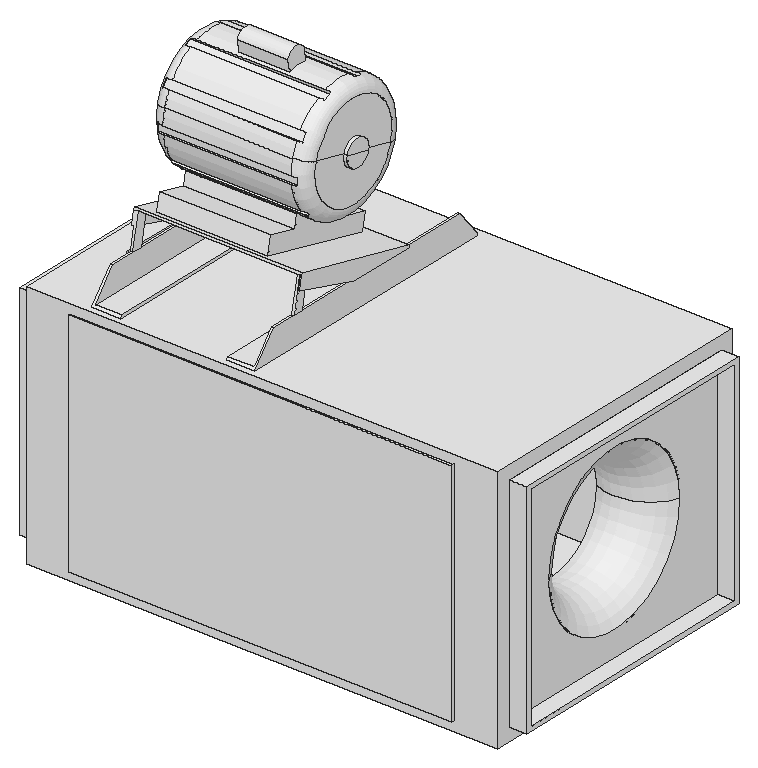
Revit family "In-Line-Centrifugal-Duct-Fan_VIBK_Carnes", category Mechanical Equipment, host Face, Revit 2012
Parameters (values of type "See Type Catalog")
  ecoScorecard_data = ""
  ecoScorecard Product Page = "http://ecoscorecard.com/"
  Warranty URL = "http://www.carnes.com/GeneralCatalogs/termcond.pdf"
  Warranty = ""
  Housing = Aluminum-Carnes-Spun-Brushed
  URL = "http://www.carnes.com/index.html"
  Subcategory = ""
  Specifications URL = ""
  Radius = Damper Size / 2  # 6"
  Product Page URL = "http://www.carnes.com/ventilation/vibk-vidk.htm"
  Parts List URL = ""
  Model = "VIBK"
  Material = ""
  Manufacturer Phone = "608-845-6411"  # constant formula
  Manufacturer Fax = "608-845-6470"  # constant formula
  Manufacturer Email = "mailto:carnes@carnes.com"
  Manufacturer Address = "448 S. Main St., P. O. Box 930040, Verona, WI 53593-0040"  # constant formula
  Manufacturer = "Carnes Company"  # constant formula
  IOM Instructions URL = "http://www.carnes.com/ventilation/pdf/1403.pdf"
  G = 12"
  F = 12 1/2"
  E = 25 1/8"
  Description = "Centrifugal Duct Fan"  # constant formula
  Default Elevation = 0"
  Damper Size = 12"
  D = 16 1/2"
  Cost Info = "mailto:carnes@carnes.com"
  Catalog URL = "http://www.carnes.com/ventilation/pdf/C179-C213.pdf"
  C = 12"
  B = 28 5/8"
  Assembly Code = "D3040200"
  A = 14"
  95 CSI = "15830"  # constant formula
  04 CSI = "23 34 23"  # constant formula
Reference planes (in)
  plane 1 "Center (Front/Back)": y = 0
  plane 2: z = 0
  plane 3 "Center (Left/Right)": x = 0
  plane 4: y = 8.25
  plane 5: x = -12.5625
  plane 6: y = -8.25
  plane 7: x = 12.5625
  plane 8: x = -14.3125
  plane 9: x = 14.3125
  plane 10: x = 13.3125
  plane 11: x = -13.3125
  plane 12: z = 14
  plane 13: z = 13.25
  plane 14: z = 0.75
  plane 15: z = 7
  plane 16: z = 13
  plane 17: z = 1
  plane 18: z = 10
  plane 19: z = 4
  plane 20: y = -8.375
  plane 21: z = 26
  plane 22: y = 7.75
  plane 23: y = -7.875
  plane 24: x = -0.8125
  plane 25: x = -9.79137
  plane 26: x = -0.6875
  plane 27: x = -9.91637
  plane 28: z = 14.125
  plane 29: x = -2.3125
  plane 30: x = -8.29137
  plane 31: z = 15.625
  plane 32: x = -0.5625
  plane 33: x = -10.04137
  plane 34: x = 9.71153
  plane 35: z = 14.25
  plane 36: z = 10.25
Forms (in)
  Sweep 1, solid, material "Aluminum-Carnes-Spun-Brushed" <- "Housing", detail levels fine
    path origin (0, 0, 0) x (1, 0, 0) y (0, 1, 0)
      loop
        line (13.3125, 0) -> (-13.3125, 0)
    profile origin (0, 0, 0) x (0, -1, 0) y (0, 0, 1)
      loop
        line (-8.25, 0) -> (8.25, 0) -> (8.25, 14) -> (-8.25, 14) -> (-8.25, 0)
      loop
        line (7.45, 13.25) -> (-7.5, 13.25) -> (-7.5, 0.75) -> (7.45, 0.75) -> (7.45, 13.25)
  Sweep 2, solid, material "Aluminum-Carnes-Spun-Brushed" <- "Housing", detail levels fine
    path in 3D
      loop
        line (13.3125, 7.5, 13.25) -> (13.3125, 7.5, 0.75) -> (13.3125, -7.45, 0.75) -> (13.3125, -7.45, 13.25) -> (13.3125, 7.5, 13.25)
    profile origin (13.3125, 0.025, 13.25) x (1, 0, 0) y (0, 0, -1)
      loop
        line (0, 0.25) -> (0, 0) -> (1, 0) -> (1, 0.25) -> (0, 0.25)
  Extrusion 3, solid, material "Aluminum-Carnes-Spun-Brushed" <- "Housing", detail levels fine
    sketch origin (13.3125, 0, 0) x (0, 1, 0) y (0, 0, 1)
      loop
        line (-7.45, 0.75) -> (7.5, 0.75) -> (7.5, 13.25) -> (-7.45, 13.25) -> (-7.45, 0.75)
    from -3.60097 to 0
  Sweep 4, void
    path origin (13.3125, 17.35966, 48) x (0, 1, 0) y (0, 0, 1)
      loop
        circle (-17.35966, -41) r 6
    profile origin (13.3125, 0, 13) x (0, 0, -1) y (1, 0, 0)
      loop
        line (2.75072, -3.60097) -> (5.75, -3.60097) -> (5.75, 0) -> (1.36843, 0)
        arc (1.36843, 0) -> (2.82175, -1.50791) -> (2.75072, -3.60097) r 2.68615
  Extrusion 5, void
    sketch origin (13.3125, 17.35966, 48) x (0, -1, 0) y (0, 0, 1)
      loop
        circle (17.35966, -41) r 0.25
    from 0 to 3.60097
  Sweep 6, solid, material "Aluminum-Carnes-Spun-Brushed" <- "Housing", detail levels fine
    path in 3D
      loop
        line (-13.3125, -7.45, 13.25) -> (-13.3125, -7.45, 0.75) -> (-13.3125, 7.5, 0.75) -> (-13.3125, 7.5, 13.25) -> (-13.3125, -7.45, 13.25)
    profile origin (-13.3125, 0.025, 13.25) x (-1, 0, 0) y (0, 0, -1)
      loop
        line (0, 0) -> (1, 0) -> (1, 0.25) -> (0, 0.25) -> (0, 0)
  Extrusion 7, void
    sketch origin (0, 0, 0) x (1, 0, 0) y (0, 0, 1)
      loop
        line (-10.3125, 13) -> (-10.3125, 1) -> (10.3125, 1) -> (10.3125, 13) -> (-10.3125, 13)
    from 7.45 to 8.25
  Extrusion 8, solid, material "Aluminum-Carnes-Spun-Brushed" <- "Housing", detail levels fine
    sketch origin (13.3125, -8.25, 14) x (-1, 0, 0) y (0, 0, -1)
      loop
        line (24.125, 0.5) -> (24.125, 13.5) -> (2.5, 13.5) -> (2.5, 0.5) -> (24.125, 0.5)
    from 0 to 0.125
  Extrusion 9, solid, material "Aluminum-Carnes-Spun-Brushed" <- "Housing", detail levels fine
    sketch origin (13.3125, 17.35966, 48) x (0, 1, 0) y (0, 0, 1)
      loop
        line (-22.23134, -31.20756) -> (-18.42386, -32.37566) -> (-14.58157, -32.38346) -> (-22.09633, -30.4697) -> (-22.23134, -31.20756)
    from -14 to -13.875
  Extrusion 10, solid, material "Aluminum-Carnes-Spun-Brushed" <- "Housing", detail levels fine
    sketch origin (0, 0, 0) x (1, 0, 0) y (0, 0, 1)
      loop
        line (-9.91637, 15.625) -> (-9.91637, 14) -> (-8.29137, 14) -> (-8.29137, 14.125) -> (-9.79137, 14.125) -> (-9.79137, 15.625) -> (-9.91637, 15.625)
      loop
        line (-2.3125, 14.125) -> (-2.3125, 14) -> (-0.6875, 14) -> (-0.6875, 15.625) -> (-0.8125, 15.625) -> (-0.8125, 14.125) -> (-2.3125, 14.125)
    from -7.75 to 7.875
  Extrusion 11, solid, material "Aluminum-Carnes-Spun-Brushed" <- "Housing", detail levels fine
    sketch origin (0, 0, 0) x (0, 1, 0) y (0, 0, 1)
      loop
        line (-4.88368, 16.79485) -> (-1.06633, 15.625) -> (2.74487, 15.625) -> (-4.73594, 17.53012) -> (-4.88368, 16.79485)
    from -10.04137 to -9.91637
  Extrusion 12, solid, material "Aluminum-Carnes-Spun-Brushed" <- "Housing", detail levels fine
    sketch origin (13.3125, -4.73667, 17.5303) x (0, 0.969069, -0.24679) y (-1, 0, 0)
      loop
        line (0.00065, 13.875) -> (7.75462, 13.875) -> (7.75462, 23.35387) -> (0.00065, 23.35387) -> (0.00065, 13.875)
    from 0 to 0.125
  Extrusion 13, void
    sketch origin (0, 0, 0) x (1, 0, 0) y (0, 1, 0)
      loop
        arc (-11.5625, 3.18713) -> (-11.73928, 3.11391) -> (-11.8125, 2.93713) r 0.25
        line (-11.8125, 2.93713) -> (-11.8125, -2.93713)
        arc (-11.8125, -2.93713) -> (-11.73928, -3.11391) -> (-11.5625, -3.18713) r 0.25
        line (-11.5625, -3.18713) -> (-10.16637, -3.18713)
        arc (-10.16637, -3.18713) -> (-9.9896, -3.11391) -> (-9.91637, -2.93713) r 0.25
        line (-9.91637, -2.93713) -> (-9.91637, 2.93713)
        arc (-9.91637, 2.93713) -> (-9.9896, 3.11391) -> (-10.16637, 3.18713) r 0.25
        line (-10.16637, 3.18713) -> (-11.5625, 3.18713)
    from 13.25 to 14
  Extrusion 14, solid, material "Aluminum-Carnes-Spun-Brushed" <- "Housing", detail levels fine
    sketch origin (0, 0, 0) x (0, 1, 0) y (0, 0, 1)
      loop
        line (-4.73527, 17.53012) -> (-5.11805, 15.625) -> (-4.60806, 15.625) -> (-4.23844, 17.46461) -> (-4.73527, 17.53012)
    from -0.6875 to -0.8125
  Extrusion 15, solid, material "Aluminum-Carnes-Spun-Brushed" <- "Housing", detail levels fine
    sketch origin (0, 0, 0) x (0, 1, 0) y (0, 0, 1)
      loop
        line (-4.7353, 17.52996) -> (-5.11805, 15.625) -> (-4.60806, 15.625) -> (-4.25013, 17.4064) -> (-4.7353, 17.52996)
    from -9.91637 to -9.79137
  Extrusion 16, void
    sketch origin (0, 0, 0) x (0, 1, 0) y (0, 0, 1)
      loop
        line (-7.875, 14) -> (-6.24778, 16.00945) -> (-8.25, 16.00945) -> (-8.25, 14) -> (-7.875, 14)
      loop
        line (7.875, 14) -> (8.25, 14) -> (8.25, 16.00945) -> (6.24778, 16.00945) -> (7.875, 14)
    from -9.91637 to -0.5625
  Revolve 17, solid, material "Aluminum-Carnes-Spun-Brushed" <- "Housing", detail levels fine
    sketch origin (0, 0, 0) x (1, 0, 0) y (0, 0, 1)
      loop
        line (7.21153, 10.25) -> (6.96153, 10.25) -> (6.96153, 7.24928) -> (6.21153, 7.24928) -> (6.21153, 7.74928) -> (5.71153, 7.74928) -> (5.71153, 7.24928) -> (-0.28847, 7.24928) -> (-0.28847, 7.74928) -> (-0.78847, 7.74928) -> (-0.78847, 7.24928) -> (-10.557, 7.24928) -> (-10.557, 8.61528) -> (-10.807, 8.61528) -> (-10.807, 7.74928) -> (-11.057, 7.74928) -> (-11.057, 8.61528) -> (-11.307, 8.61528) -> (-11.307, 7) -> (7.21153, 7) -> (7.21153, 10.25)
      axis (-11.307, 7) -> (7.21153, 7)
    angle from 0 to 360
Cuts and joins
  Sweep 4, Extrusion 5, Extrusion 7 cuts Extrusion 3
  Extrusion 7, Extrusion 13, Extrusion 16 cuts Sweep 1
  Sweep 4, Extrusion 13, Extrusion 16 cuts Sweep 2
  Extrusion 13, Extrusion 16 cuts Sweep 6
  joined: Sweep 1, Sweep 2, Sweep 6
  joined: Extrusion 9, Extrusion 11, Extrusion 12, Extrusion 15
  Extrusion 16 cuts Extrusion 10
Lines and regions (in)
  sketch lines
    curve 1: line (13.3125, -7.45, 13.25) -> (13.3125, 7.5, 13.25)
    curve 2: line (13.3125, 7.5, 13.25) -> (13.3125, 7.5, 0.75)
    curve 3: line (13.3125, 7.5, 0.75) -> (13.3125, -7.45, 0.75)
    curve 4: line (13.3125, -7.45, 0.75) -> (13.3125, -7.45, 13.25)
    curve 5: line (-13.3125, 7.5, 13.25) -> (-13.3125, -7.45, 13.25)
    curve 6: line (-13.3125, -7.45, 13.25) -> (-13.3125, -7.45, 0.75)
    curve 7: line (-13.3125, -7.45, 0.75) -> (-13.3125, 7.5, 0.75)
    curve 8: line (-13.3125, 7.5, 0.75) -> (-13.3125, 7.5, 13.25)
  model lines, detail levels coarse+medium
    curve 9: line (13.3125, 8.25, 0) -> (-13.3125, 8.25, 0)
    curve 10: line (-13.3125, 8.25, 0) -> (-13.3125, 7.5, 0)
    curve 11: line (-13.3125, 7.5, 0) -> (-14.3125, 7.5, 0)
    curve 12: line (-14.3125, 7.5, 0) -> (-14.3125, -7.45, 0)
    curve 13: line (-14.3125, -7.45, 0) -> (-13.3125, -7.45, 0)
    curve 14: line (-13.3125, -8.25, 0) -> (-10.8125, -8.25, 0)
    curve 15: line (-10.8125, -8.25, 0) -> (-10.8125, -8.375, 0)
    curve 16: line (-10.8125, -8.375, 0) -> (10.8125, -8.375, 0)
    curve 17: line (10.8125, -8.375, 0) -> (10.8125, -8.25, 0)
    curve 18: line (13.3125, 8.25, 0) -> (13.3125, 7.5, 0)
    curve 19: line (13.3125, -7.45, 0) -> (14.3125, -7.45, 0)
    curve 20: line (14.3125, -7.45, 0) -> (14.3125, 7.5, 0)
    curve 21: line (10.8125, -8.25, 0) -> (13.3125, -8.25, 0)
    curve 22: line (-13.3125, -7.45, 0) -> (-13.3125, -8.25, 0)
    curve 23: line (13.3125, -7.45, 0) -> (13.3125, -8.25, 0)
    curve 24: line (13.3125, 7.5, 0) -> (14.3125, 7.5, 0)
Dimensions and locks (in)
  equal spacing: plane 5, plane 3 "Center (Left/Right)", plane 7
  "E": plane 5 to plane 7
  equal spacing: plane 4, plane 1 "Center (Front/Back)", plane 6
  "D": plane 4 to plane 6
  equal spacing: plane 8, plane 3 "Center (Left/Right)", plane 9
  "B": plane 8 to plane 9
  locked: plane 10 to plane 9 at 1
  locked: plane 8 to plane 11 at 1
  "A": plane 12 to plane 2
  equal spacing: plane 12, plane 15, plane 2
  equal spacing: plane 13, plane 15, plane 14
  "F": plane 13 to plane 14
  equal spacing: plane 16, plane 15, plane 17
  "C": plane 16 to plane 17
  equal spacing: plane 18, plane 15, plane 19
  locked: Sweep 4 sketch curve to plane 15 at 0.25
  locked: plane 20 to plane 6 at 0.125
  locked: Extrusion 8 sketch curve to cut or joined group of Sweep 1, Sweep 2, Sweep 4, Sweep 6, Extrusion 7, Extrusion 13, Extrusion 16 at 0.5  (x2)
  locked: Extrusion 8 sketch curve to plane 16 at 0.5
  locked: plane 17 to Extrusion 8 sketch curve at 0.5
  locked: Sweep 1 sketch curve to Sweep 1 sketch curve at 0.8
  equal spacing: host sketch curve, plane 1 "Center (Front/Back)", host sketch curve
  equal spacing: host sketch curve, plane 3 "Center (Left/Right)", host sketch curve
  "G": plane 21 to plane 12
  locked: nested 1 to plane 8 at 11.5
  locked: plane 4 to plane 22 at 0.5
  locked: plane 23 to plane 20 at 0.5
  locked: plane 25 to plane 8 at 4.52113
  locked: plane 26 to plane 24 at 0.125
  locked: plane 25 to plane 27 at 0.125
  locked: plane 28 to plane 12 at 0.125
  locked: plane 24 to plane 29 at 1.5
  locked: plane 25 to plane 30 at 1.5
  locked: plane 31 to plane 28 at 1.5
  locked: plane 26 to plane 32 at 0.125
  locked: plane 27 to plane 33 at 0.125
  Extrusion 9 sketch curve to Extrusion 9 sketch curve to plane 31 = 0.73787" locked, 1.16744" locked
  locked: plane 8 to plane 32 at 13.75
  locked: Extrusion 12 to Extrusion 12 at 0.125
  locked: Extrusion 11 sketch curve to Extrusion 11 sketch curve at 0.73527
  plane 4 to Extrusion 9 sketch curve to Extrusion 9 sketch curve = 5.47191", 3.84229"
  equal spacing: Extrusion 13 sketch curve, plane 1 "Center (Front/Back)", Extrusion 13 sketch curve
  locked: Extrusion 13 sketch curve to plane 27 at 1.89613
  Extrusion 11 sketch curve to Extrusion 11 sketch curve to plane 4 = 3.81121" locked, 5.50513" locked
  Extrusion 14 sketch curve to Extrusion 14 sketch curve to plane 31 = 0.06551" locked, 1.83961" locked
  plane 1 "Center (Front/Back)" to Extrusion 14 sketch curve to Extrusion 14 sketch curve to Extrusion 14 sketch curve = 4.23844" locked, 0.49683" locked, 0.38278" locked
  plane 13 to Sweep 4 sketch curve to Sweep 4 sketch curve = 1.61843" locked, 1.38228" locked
  locked: plane 10 to plane 34 at 3.60097
  locked: Extrusion 16 sketch curve to plane 31 at 0.38445  (x2)
  locked: plane 23 to Extrusion 16 sketch curve at 0.375
  locked: Extrusion 16 sketch curve to plane 23 at 1.62722
  locked: plane 22 to Extrusion 16 sketch curve at 1.50222
  Revolve 17 sketch curve to Revolve 17 sketch curve to Revolve 17 sketch curve to Revolve 17 sketch curve to Revolve 17 sketch curve to plane 34 = 1/2" locked, 6" locked, 1/2" locked, 3/4" locked, 2 3/4" locked
  Revolve 17 sketch curve to Revolve 17 sketch curve to plane 15 = 0.866" locked, 0.74928" locked
  locked: plane 16 to Revolve 17 sketch curve at 2.75
  Revolve 17 sketch curve to Revolve 17 sketch curve to Revolve 17 sketch curve to Revolve 17 sketch curve to plane 8 = 1/4" locked, 1/4" locked, 1/4" locked, 3.0055" locked
  locked: Revolve 17 sketch curve to Revolve 17 sketch curve at 0.25
  "Radius": radius of Sweep 4 sketch curve
  aligned and locked: plane 2 to host face
  aligned and locked: level to host face
  aligned and locked: Sweep 1 sketch curve to plane 1 "Center (Front/Back)"
  aligned and locked: Sweep 1 sketch curve to plane 2
  aligned and locked: Sweep 1 sketch curve to plane 4
  aligned and locked: Sweep 1 sketch curve to plane 12
  aligned and locked: plane 6 to Sweep 1 sketch curve
  aligned and locked: plane 11 to Sweep 1 sketch curve
  aligned and locked: plane 10 to Sweep 1 sketch curve
  aligned and locked: plane 16 to Sweep 2 sketch curve
  aligned and locked: Sweep 2 sketch curve to plane 9
  aligned and locked: plane 13 to Sweep 2 sketch curve
  aligned and locked: plane 10 to Sweep 2 sketch curve
  aligned and locked: plane 13 to Sweep 1 sketch curve
  aligned and locked: Sweep 1 sketch curve to plane 14
  aligned and locked: profile plane to plane 13
  aligned and locked: Extrusion 3 sketch curve to Sweep 1  (x4)
  aligned and locked: plane 1 "Center (Front/Back)" to Sweep 4 sketch curve
  aligned and locked: plane 15 to Sweep 4 sketch curve
  aligned and locked: Extrusion 5 sketch curve to cut or joined group of Extrusion 3, Sweep 4, Extrusion 5, Extrusion 7  (x2)
  aligned and locked: plane 11 to Sweep 6 sketch curve
  aligned and locked: Sweep 6 sketch curve to plane 8
  aligned and locked: Sweep 6 sketch curve to plane 13
  aligned and locked: Sweep 6 sketch curve to plane 16
  aligned and locked: Extrusion 7 sketch curve to plane 16
  aligned and locked: Extrusion 7 sketch curve to plane 17
  aligned and locked: cut or joined group of Sweep 1, Sweep 2, Sweep 4, Sweep 6, Extrusion 7, Extrusion 13, Extrusion 16 to Extrusion 7
  aligned and locked: plane 6 to Extrusion 7
  aligned and locked: Extrusion 8 to plane 6
  aligned and locked: Extrusion 8 to plane 20
  aligned and locked: Extrusion 10 sketch curve to plane 27
  aligned and locked: Extrusion 10 sketch curve to plane 25
  aligned and locked: Extrusion 10 sketch curve to plane 31
  aligned and locked: Extrusion 10 sketch curve to plane 28
  aligned and locked: Extrusion 10 sketch curve to plane 30
  aligned and locked: Extrusion 10 sketch curve to plane 12
  aligned and locked: Extrusion 10 sketch curve to plane 29
  aligned and locked: Extrusion 10 sketch curve to plane 24
  aligned and locked: Extrusion 10 sketch curve to plane 26
  aligned and locked: Extrusion 10 to plane 22
  aligned and locked: Extrusion 10 to plane 23
  aligned and locked: Extrusion 9 to Extrusion 10
  aligned and locked: Extrusion 9 to plane 32
  aligned and locked: plane 33 to Extrusion 11
  aligned and locked: plane 27 to Extrusion 11
  aligned and locked: Extrusion 9 to Extrusion 12 sketch curve
  aligned and locked: Extrusion 12 sketch curve to Extrusion 11
  aligned and locked: nested 1 to cut or joined group of Extrusion 9, Extrusion 11, Extrusion 12, Extrusion 15
  aligned and locked: Extrusion 13 sketch curve to plane 27
  aligned and locked: plane 12 to Extrusion 13
  aligned and locked: Extrusion 13 to plane 13
  aligned and locked: cut or joined group of Extrusion 9, Extrusion 11, Extrusion 12, Extrusion 15 to Extrusion 11 sketch curve
  aligned and locked: plane 31 to Extrusion 14 sketch curve  (x2)
  aligned and locked: Extrusion 14 to plane 24
  aligned and locked: plane 26 to Extrusion 14
  aligned and locked: Extrusion 14 to Extrusion 15 sketch curve
  aligned and locked: Extrusion 15 sketch curve to Extrusion 14
  aligned and locked: cut or joined group of Extrusion 9, Extrusion 11, Extrusion 12, Extrusion 15 to Extrusion 15 sketch curve
  aligned and locked: Extrusion 10 to Extrusion 15 sketch curve
  aligned and locked: Extrusion 15 to plane 27
  aligned and locked: plane 25 to Extrusion 15
  aligned and locked: plane 34 to Sweep 4 sketch curve
  aligned and locked: plane 10 to cut or joined group of Extrusion 3, Sweep 4, Extrusion 5, Extrusion 7
  aligned and locked: plane 34 to cut or joined group of Extrusion 3, Sweep 4, Extrusion 5, Extrusion 7
  aligned and locked: plane 12 to Extrusion 16 sketch curve
  aligned and locked: Extrusion 16 to plane 27
  aligned and locked: plane 4 to Extrusion 16 sketch curve
  aligned and locked: Extrusion 16 sketch curve to plane 12
  aligned and locked: Extrusion 16 to plane 32
  aligned and locked: Revolve 17 sketch curve to plane 15  (x2)
  aligned and locked: Revolve 17 sketch curve to Revolve 17 sketch curve  (x3)
Automatic sketch dimensions
  Extrusion 14 sketch curve to Extrusion 14 sketch curve = 0.12721"
  curve 12 to plane 8 = 0"
  curve 11 to plane 11 = 0"
  plane 6 to curve 22 = 0"
  curve 22 to plane 11 = 0"
  curve 15 to plane 20 = 0"
  plane 6 to curve 17 = 0"
  curve 18 to plane 10 = 0"
  curve 23 to plane 10 = 0"
  curve 20 to plane 9 = 0"
  curve 10 to plane 4 = 0"
  plane 33 to curve 15 = 0.77113"
  curve 17 to plane 34 = 1.10097"
  plane 23 to curve 20 = 0.425"
  plane 23 to curve 12 = 0.425"
  plane 22 to curve 10 = 1/4"
  plane 22 to curve 20 = 1/4"
  Sweep 1 sketch curve to Sweep 1 sketch curve = 3/4"
  Sweep 4 sketch curve to plane 10 = 0"
  Sweep 4 sketch curve to profile plane = 0.31401"
  plane 33 to Extrusion 7 sketch curve = 0.27113"
  Extrusion 7 sketch curve to plane 34 = 0.60097"
  plane 23 to Extrusion 9 sketch curve = 3.13833"
  Extrusion 9 sketch curve to Extrusion 9 sketch curve = 0.13501"
  Extrusion 9 sketch curve to plane 31 = 0.00066"
  Extrusion 9 sketch curve to plane 31 = 0.00846"
  Extrusion 10 sketch curve to plane 12 = 0"
  Extrusion 10 sketch curve to plane 28 = 0"
  Extrusion 10 sketch curve to plane 31 = 0"
  plane 31 to Extrusion 11 sketch curve = 1.90512"
  Extrusion 11 sketch curve to Extrusion 11 sketch curve = 0.14773"
  Extrusion 12 sketch curve to Extrusion 9 = 0"
  Extrusion 12 sketch curve to Extrusion 9 = 0.00065"
  Extrusion 13 sketch curve to Extrusion 13 sketch curve = 1/4"  (x2)
  plane 33 to Extrusion 13 sketch curve = 1/8"  (x2)
  plane 1 "Center (Front/Back)" to Extrusion 13 sketch curve = 3.18713"
  Extrusion 16 sketch curve to plane 23 = 0"
  Extrusion 16 sketch curve to plane 22 = 1/8"
  plane 30 to Revolve 17 sketch curve = 1.26401"
  Revolve 17 sketch curve to plane 29 = 1.46986"
  plane 15 to Revolve 17 sketch curve = 0.24928"  (x3)
Nested families (in)
  nested 1: "Motor" at (-5.9375, -1.80612, 13.65251) x (1, 0, 0) z (0, 0.2468, 0.9691), Motor <- "Housing", type "Motor", detail levels fine
    with Motor Cover yes, Motor Aluminum-Carnes-Spun-Brushed
Definition of nested family "Motor"
  Parameters (values of type "Motor")
    depth = G - 5"  # 11"
    Width = 12 3/4"
    Motor Cover [instance] = yes
    Motor [instance] = none
    G = 16"
    Default Elevation = 48"
    D = 17 161/256"
    Assembly Code = ""
  Reference planes (in)
    plane 1 "Center (Front/Back)": y = 0
    plane 2: z = 0
    plane 3 "Center (Left/Right)": x = 0
    plane 4 "e": x = -4.625
    plane 5 "v": x = 4.625
    plane 6 "l": y = 5.5
    plane 7 "r": y = -5.5
    plane 8: x = -6.375
    plane 9: x = 6.375
    plane 10 "m1": x = -3.125
    plane 11 "m2": x = -0.375
    plane 12: z = 12
    plane 13: z = 9.25
    plane 14: x = 3.125
  Forms (in)
    Revolve 1, solid, material <- "Motor"
      sketch origin (0.83363, 0.21872, 7.90625) x (0, -1, 0) y (1, 0, 0)
        loop
          line (0.21872, 3.79137) -> (-0.53128, 3.79137) -> (-0.53128, 3.5625) -> (-2.5, 3.5625)
          arc (-2.5, 3.5625) -> (-3.03033, 3.34283) -> (-3.25, 2.8125) r 0.75
          line (-3.25, 2.8125) -> (-3.25, -4.4375)
          arc (-3.25, -4.4375) -> (-3.03033, -4.96783) -> (-2.5, -5.1875) r 0.75
          line (-2.5, -5.1875) -> (-0.4375, -5.1875) -> (-0.4375, -5.45313) -> (-0.97266, -5.45313)
          arc (-0.97266, -5.45313) -> (-1.01409, -5.47029) -> (-1.03125, -5.51172) r 0.05859
          line (-1.03125, -5.51172) -> (-1.03125, -5.70313) -> (-0.78125, -5.70313) -> (-0.78125, -5.95313) -> (-1.03125, -5.95313) -> (-1.03125, -6.14398)
          arc (-1.03125, -6.14398) -> (-1.01393, -6.1858) -> (-0.9721, -6.20313) r 0.05915
          line (-0.9721, -6.20313) -> (-0.4375, -6.20313) -> (-0.4375, -6.5625) -> (0.21872, -6.5625) -> (0.21872, 3.79137)
        axis (0.21872, 3.79137) -> (0.21872, -6.5625)
      angle from 0 to 360
    Extrusion 2, void
      sketch origin (-3.125, 0.21872, 0.73353) x (0, 0, 1) y (0, -1, 0)
        loop
          line (10.4657, -0.02664) -> (10.70582, -0.03099)
          arc (10.70582, -0.03099) -> (10.72313, 0.21872) -> (10.71537, 0.46892) r 2.5
          line (10.71537, 0.46892) -> (10.4657, 0.47344)
          arc (10.4657, 0.47344) -> (10.4766, 0.2234) -> (10.4657, -0.02664) r 2.875
      from 7.06613 to -0.91125
    Extrusion 3, solid, material <- "Motor"
      sketch origin (0, 0, 0.25337) x (0, 1, 0) y (0, 0, 1)
        loop
          line (1.71942, 4.57111) -> (-1.71942, 4.57111) -> (-1.71942, 3.86368) -> (-3.43883, 3.86368) -> (-3.43883, 2.90625) -> (3.43883, 2.90625) -> (3.43883, 3.86368) -> (1.71942, 3.86368) -> (1.71942, 4.57111)
      from -3.125 to 3.125
    Extrusion 4, solid, material <- "Motor"
      sketch origin (0, 0, 0) x (0, 1, 0) y (0, 0, 1)
        loop
          line (-0.5739, 11.24492) -> (-0.89441, 12)
          arc (-0.89441, 12) -> (-1.55215, 12.11272) -> (-1.92798, 11.56128) r 0.61721
          line (-1.92798, 11.56128) -> (-1.60747, 10.8062) -> (-0.5739, 11.24492)
      from -1.39052 to 1.45277
    Extrusion 5, void
      sketch origin (-3.125, 4.39297, 2.23196) x (0, -0.587785, 0.809017) y (0, -0.809017, -0.587785)
        loop
          line (10.4657, -0.02664) -> (10.70582, -0.03099)
          arc (10.70582, -0.03099) -> (10.72313, 0.21872) -> (10.71537, 0.46892) r 2.5
          line (10.71537, 0.46892) -> (10.4657, 0.47344)
          arc (10.4657, 0.47344) -> (10.4766, 0.2234) -> (10.4657, -0.02664) r 2.875
      from 7.06613 to -0.91125
    Extrusion 6, void
      sketch origin (-3.125, -4.03907, 1.97484) x (0, 0.587785, 0.809017) y (0, -0.809017, 0.587785)
        loop
          line (10.4657, -0.02664) -> (10.70582, -0.03099)
          arc (10.70582, -0.03099) -> (10.72313, 0.21872) -> (10.71537, 0.46892) r 2.5
          line (10.71537, 0.46892) -> (10.4657, 0.47344)
          arc (10.4657, 0.47344) -> (10.4766, 0.2234) -> (10.4657, -0.02664) r 2.875
      from 7.06613 to -0.91125
    Extrusion 7, void
      sketch origin (-3.125, -6.75407, 5.48174) x (0, 0.951057, 0.309017) y (0, -0.309017, 0.951057)
        loop
          line (10.4657, -0.02664) -> (10.70582, -0.03099)
          arc (10.70582, -0.03099) -> (10.72313, 0.21872) -> (10.71537, 0.46892) r 2.5
          line (10.71537, 0.46892) -> (10.4657, 0.47344)
          arc (10.4657, 0.47344) -> (10.4766, 0.2234) -> (10.4657, -0.02664) r 2.875
      from 7.06613 to -0.91125
    Extrusion 8, void
      sketch origin (-3.125, -6.88925, 9.91473) x (0, 0.951057, -0.309017) y (0, 0.309017, 0.951057)
        loop
          line (10.4657, -0.02664) -> (10.70582, -0.03099)
          arc (10.70582, -0.03099) -> (10.72313, 0.21872) -> (10.71537, 0.46892) r 2.5
          line (10.71537, 0.46892) -> (10.4657, 0.47344)
          arc (10.4657, 0.47344) -> (10.4766, 0.2234) -> (10.4657, -0.02664) r 2.875
      from 7.06613 to -0.91125
    Extrusion 9, void
      sketch origin (-3.125, -4.39297, 13.58054) x (0, 0.587785, -0.809017) y (0, 0.809017, 0.587785)
        loop
          line (10.4657, -0.02664) -> (10.70582, -0.03099)
          arc (10.70582, -0.03099) -> (10.72313, 0.21872) -> (10.71537, 0.46892) r 2.5
          line (10.71537, 0.46892) -> (10.4657, 0.47344)
          arc (10.4657, 0.47344) -> (10.4766, 0.2234) -> (10.4657, -0.02664) r 2.875
      from 7.06613 to -0.91125
    Extrusion 10, void
      sketch origin (-3.125, -0.21872, 15.07897) x (0, 0, -1) y (0, 1, 0)
        loop
          line (10.4657, -0.02664) -> (10.70582, -0.03099)
          arc (10.70582, -0.03099) -> (10.72313, 0.21872) -> (10.71537, 0.46892) r 2.5
          line (10.71537, 0.46892) -> (10.4657, 0.47344)
          arc (10.4657, 0.47344) -> (10.4766, 0.2234) -> (10.4657, -0.02664) r 2.875
      from 7.06613 to -0.91125
    Extrusion 11, void
      sketch origin (-3.125, 4.03907, 13.83766) x (0, -0.587785, -0.809017) y (0, 0.809017, -0.587785)
        loop
          line (10.4657, -0.02664) -> (10.70582, -0.03099)
          arc (10.70582, -0.03099) -> (10.72313, 0.21872) -> (10.71537, 0.46892) r 2.5
          line (10.71537, 0.46892) -> (10.4657, 0.47344)
          arc (10.4657, 0.47344) -> (10.4766, 0.2234) -> (10.4657, -0.02664) r 2.875
      from 7.06613 to -0.91125
    Extrusion 12, void
      sketch origin (-3.125, 6.75407, 10.33076) x (0, -0.951057, -0.309017) y (0, 0.309017, -0.951057)
        loop
          line (10.4657, -0.02664) -> (10.70582, -0.03099)
          arc (10.70582, -0.03099) -> (10.72313, 0.21872) -> (10.71537, 0.46892) r 2.5
          line (10.71537, 0.46892) -> (10.4657, 0.47344)
          arc (10.4657, 0.47344) -> (10.4766, 0.2234) -> (10.4657, -0.02664) r 2.875
      from 7.06613 to -0.91125
    Extrusion 13, void
      sketch origin (-3.125, 6.88925, 5.89777) x (0, -0.951057, 0.309017) y (0, -0.309017, -0.951057)
        loop
          line (10.4657, -0.02664) -> (10.70582, -0.03099)
          arc (10.70582, -0.03099) -> (10.72313, 0.21872) -> (10.71537, 0.46892) r 2.5
          line (10.71537, 0.46892) -> (10.4657, 0.47344)
          arc (10.4657, 0.47344) -> (10.4766, 0.2234) -> (10.4657, -0.02664) r 2.875
      from 7.06613 to -0.91125
  Cuts and joins
    Extrusion 2, Extrusion 5, Extrusion 6, Extrusion 7, Extrusion 8, Extrusion 9, Extrusion 10, Extrusion 11, Extrusion 12, Extrusion 13 cuts Revolve 1
    joined: Revolve 1, Extrusion 4
    Extrusion 10 cuts Extrusion 3
  Dimensions and locks (in)
    equal spacing: plane 8, plane 3 "Center (Left/Right)", plane 9
    equal spacing: plane 6 "l", plane 1 "Center (Front/Back)", plane 7 "r"
    "depth": plane 6 "l" to plane 7 "r"
    locked: plane 8 to plane 4 "e" at 1.75
    locked: plane 9 to plane 5 "v" at 1.75
    "Width": plane 8 to plane 9
    plane 12 to plane 2 = 12"  (x2)
    Extrusion 4 to plane 3 "Center (Left/Right)" to Extrusion 4 = 1.39052" locked, 1.45277" locked
    aligned and locked: level to plane 2
    aligned and locked: plane 5 "v" to Revolve 1 sketch curve
  Automatic sketch dimensions
    Extrusion 2 sketch curve to Extrusion 2 sketch curve = 0"
    Extrusion 2 sketch curve to Extrusion 2 sketch curve = 0.24012"
    Extrusion 2 sketch curve to Extrusion 2 sketch curve = 0.04307"
    plane 1 "Center (Front/Back)" to Revolve 1 sketch curve = 0"  (x2)
    plane 4 "e" to Revolve 1 sketch curve = 0.0055"
    Revolve 1 sketch curve to plane 1 "Center (Front/Back)" = 0.65622"  (x2)
    plane 5 "v" to Revolve 1 sketch curve = 0.22887"
    Revolve 1 sketch curve to plane 1 "Center (Front/Back)" = 3/4"
    Revolve 1 sketch curve to Revolve 1 sketch curve = 11/32"
    Revolve 1 sketch curve to Revolve 1 sketch curve = 0.19085"  (x2)
    Revolve 1 sketch curve to Revolve 1 sketch curve = 49/256"
    Revolve 1 sketch curve to plane 4 "e" = 0.05309"
    Revolve 1 sketch curve to Revolve 1 sketch curve = 0.05915"
    plane 4 "e" to Revolve 1 sketch curve = 0.27113"
    Revolve 1 sketch curve to Revolve 1 sketch curve = 1 15/32"
    Revolve 1 sketch curve to Revolve 1 sketch curve = 1.96872"
    Revolve 1 sketch curve to plane 10 "m1" = 0.47887"
    Revolve 1 sketch curve to plane 4 "e" = 0.2445"
    Revolve 1 sketch curve to Revolve 1 sketch curve = 1/4"
    Revolve 1 sketch curve to Revolve 1 sketch curve = 23/64"
    plane 4 "e" to Revolve 1 sketch curve = 3/4"
    Revolve 1 sketch curve to plane 11 "m2" = 1/2"
    Extrusion 3 sketch curve to plane 7 "r" = 2.06117"
    plane 1 "Center (Front/Back)" to Extrusion 3 sketch curve = 1.71942"
    Extrusion 3 sketch curve to plane 1 "Center (Front/Back)" = 1.71942"
    Extrusion 3 sketch curve to Extrusion 3 sketch curve = 1.71942"
    level to Extrusion 3 sketch curve = 3.15962"
    Extrusion 3 sketch curve to Extrusion 3 sketch curve = 0.95743"  (x2)
    Extrusion 3 sketch curve to Extrusion 3 sketch curve = 0.70743"
    Extrusion 2 sketch curve to Extrusion 2 sketch curve = 0.24967"
    Extrusion 2 sketch curve to Extrusion 2 sketch curve = 0.00435"
    Extrusion 2 sketch curve to Extrusion 2 sketch curve = 0.62199"
    Extrusion 2 sketch curve to Extrusion 2 sketch curve = 2.24212"
    Extrusion 2 sketch curve to Extrusion 2 sketch curve = 0.25004"
    Extrusion 5 sketch curve to Extrusion 5 sketch curve = 0"
    Extrusion 5 sketch curve to Extrusion 5 sketch curve = 0.24012"
    Extrusion 5 sketch curve to Extrusion 5 sketch curve = 0.04307"
    Extrusion 5 sketch curve to Extrusion 5 sketch curve = 0.24967"
    Extrusion 5 sketch curve to Extrusion 5 sketch curve = 0.00435"
    Extrusion 5 sketch curve to Extrusion 5 sketch curve = 0.62199"
    Extrusion 5 sketch curve to Extrusion 5 sketch curve = 2.24212"
    Extrusion 5 sketch curve to Extrusion 5 sketch curve = 0.25004"
    Extrusion 6 sketch curve to Extrusion 6 sketch curve = 0"
    Extrusion 6 sketch curve to Extrusion 6 sketch curve = 0.24012"
    Extrusion 6 sketch curve to Extrusion 6 sketch curve = 0.04307"
    Extrusion 6 sketch curve to Extrusion 6 sketch curve = 0.24967"
    Extrusion 6 sketch curve to Extrusion 6 sketch curve = 0.00435"
    Extrusion 6 sketch curve to Extrusion 6 sketch curve = 0.62199"
    Extrusion 6 sketch curve to Extrusion 6 sketch curve = 2.24212"
    Extrusion 6 sketch curve to Extrusion 6 sketch curve = 0.25004"
    Extrusion 7 sketch curve to Extrusion 7 sketch curve = 0"
    Extrusion 7 sketch curve to Extrusion 7 sketch curve = 0.24012"
    Extrusion 7 sketch curve to Extrusion 7 sketch curve = 0.04307"
    Extrusion 7 sketch curve to Extrusion 7 sketch curve = 0.24967"
    Extrusion 7 sketch curve to Extrusion 7 sketch curve = 0.00435"
    Extrusion 7 sketch curve to Extrusion 7 sketch curve = 0.62199"
    Extrusion 7 sketch curve to Extrusion 7 sketch curve = 2.24212"
    Extrusion 7 sketch curve to Extrusion 7 sketch curve = 0.25004"
    Extrusion 8 sketch curve to Extrusion 8 sketch curve = 0"
    Extrusion 8 sketch curve to Extrusion 8 sketch curve = 0.24012"
    Extrusion 8 sketch curve to Extrusion 8 sketch curve = 0.04307"
    Extrusion 8 sketch curve to Extrusion 8 sketch curve = 0.24967"
    Extrusion 8 sketch curve to Extrusion 8 sketch curve = 0.00435"
    Extrusion 8 sketch curve to Extrusion 8 sketch curve = 0.62199"
    Extrusion 8 sketch curve to Extrusion 8 sketch curve = 2.24212"
    Extrusion 8 sketch curve to Extrusion 8 sketch curve = 0.25004"
    Extrusion 9 sketch curve to Extrusion 9 sketch curve = 0"
    Extrusion 9 sketch curve to Extrusion 9 sketch curve = 0.24012"
    Extrusion 9 sketch curve to Extrusion 9 sketch curve = 0.04307"
    Extrusion 9 sketch curve to Extrusion 9 sketch curve = 0.24967"
    Extrusion 9 sketch curve to Extrusion 9 sketch curve = 0.00435"
    Extrusion 9 sketch curve to Extrusion 9 sketch curve = 0.62199"
    Extrusion 9 sketch curve to Extrusion 9 sketch curve = 2.24212"
    Extrusion 9 sketch curve to Extrusion 9 sketch curve = 0.25004"
    Extrusion 10 sketch curve to Extrusion 10 sketch curve = 0"
    Extrusion 10 sketch curve to Extrusion 10 sketch curve = 0.24012"
    Extrusion 10 sketch curve to Extrusion 10 sketch curve = 0.04307"
    Extrusion 10 sketch curve to Extrusion 10 sketch curve = 0.24967"
    Extrusion 10 sketch curve to Extrusion 10 sketch curve = 0.00435"
    Extrusion 10 sketch curve to Extrusion 10 sketch curve = 0.62199"
    Extrusion 10 sketch curve to Extrusion 10 sketch curve = 2.24212"
    Extrusion 10 sketch curve to Extrusion 10 sketch curve = 0.25004"
    Extrusion 11 sketch curve to Extrusion 11 sketch curve = 0"
    Extrusion 11 sketch curve to Extrusion 11 sketch curve = 0.24012"
    Extrusion 11 sketch curve to Extrusion 11 sketch curve = 0.04307"
    Extrusion 11 sketch curve to Extrusion 11 sketch curve = 0.24967"
    Extrusion 11 sketch curve to Extrusion 11 sketch curve = 0.00435"
    Extrusion 11 sketch curve to Extrusion 11 sketch curve = 0.62199"
    Extrusion 11 sketch curve to Extrusion 11 sketch curve = 2.24212"
    Extrusion 11 sketch curve to Extrusion 11 sketch curve = 0.25004"
    Extrusion 12 sketch curve to Extrusion 12 sketch curve = 0"
    Extrusion 12 sketch curve to Extrusion 12 sketch curve = 0.24012"
    Extrusion 12 sketch curve to Extrusion 12 sketch curve = 0.04307"
    Extrusion 12 sketch curve to Extrusion 12 sketch curve = 0.24967"
    Extrusion 12 sketch curve to Extrusion 12 sketch curve = 0.00435"
    Extrusion 12 sketch curve to Extrusion 12 sketch curve = 0.62199"
    Extrusion 12 sketch curve to Extrusion 12 sketch curve = 2.24212"
    Extrusion 12 sketch curve to Extrusion 12 sketch curve = 0.25004"
    Extrusion 13 sketch curve to Extrusion 13 sketch curve = 0"
    Extrusion 13 sketch curve to Extrusion 13 sketch curve = 0.24012"
    Extrusion 13 sketch curve to Extrusion 13 sketch curve = 0.04307"
    Extrusion 13 sketch curve to Extrusion 13 sketch curve = 0.24967"
    Extrusion 13 sketch curve to Extrusion 13 sketch curve = 0.00435"
    Extrusion 13 sketch curve to Extrusion 13 sketch curve = 0.62199"
    Extrusion 13 sketch curve to Extrusion 13 sketch curve = 2.24212"
    Extrusion 13 sketch curve to Extrusion 13 sketch curve = 0.25004"
    Extrusion 4 sketch curve to plane 12 = 0"
    Extrusion 4 sketch curve to plane 12 = 0.45543"
    Extrusion 4 sketch curve to plane 12 = 0.43872"
    plane 1 "Center (Front/Back)" to Extrusion 4 sketch curve = 1.92798"
    Extrusion 4 sketch curve to plane 12 = 1.1938"
    Extrusion 4 sketch curve to Extrusion 4 sketch curve = 0.32051"
    Extrusion 4 sketch curve to Extrusion 4 sketch curve = 0.61699"
Types in the file's own list only (11): name | Radius | Model | G | F | E | Damper Size | D | C | B | A
  VIBK 06 | 6" | "VIBK 06" | 12" | 12 1/2" | 25 1/8" | 12" | 16 1/2" | 12" | 28 5/8" | 14"
  VIBK 08 | 6" | "VIBK 08" | 12" | 12 1/2" | 25 1/8" | 12" | 16 1/2" | 12" | 28 5/8" | 14"
  VIBK 10 | 8" | "VIBK 10" | 12" | 16 1/2" | 28 5/8" | 16" | 20 1/2" | 16" | 32 1/8" | 18"
  VIBK 12 | 8" | "VIBK 12" | 12" | 16 1/2" | 28 5/8" | 16" | 20 1/2" | 16" | 32 1/8" | 18"
  VIBK 15 | 11" | "VIBK 15" | 12" | 22 1/2" | 31 3/8" | 22" | 26 1/2" | 22" | 34 7/8" | 24"
  VIBK 18 | 13" | "VIBK 18" | 12" | 26 1/2" | 32 5/8" | 26" | 30 1/2" | 26" | 36 1/8" | 28"
  VIBK 21 | 14 1/2" | "VIBK 21" | 14" | 27 1/2" | 33 7/8" | 29" | 33" | 29" | 39 3/8" | 31"
  VIBK 24 | 19" | "VIBK 24" | 14" | 36 1/2" | 37 1/8" | 38" | 42" | 38" | 42 5/8" | 40"
  VIBK 30 | 23" | "VIBK 30" | 14" | 44 1/2" | 40 5/8" | 46" | 50" | 46" | 46 1/8" | 48"
  VIBK 36 | 27" | "VIBK 36" | 14" | 55 1/2" | 43 3/8" | 54" | 58" | 54" | 48 7/8" | 56"
  VIBK 42 | 27" | "VIBK 42" | 15" | 55 1/2" | 43 3/8" | 54" | 58" | 54" | 50 7/8" | 56"
